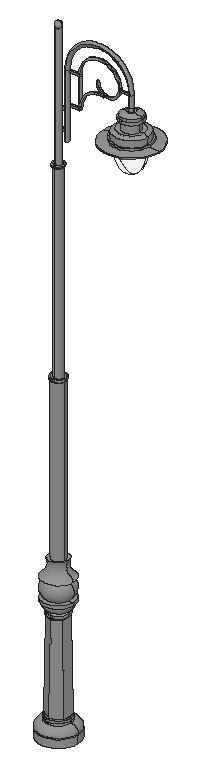
Revit family "svetilnik_alfresco_elegant-1-8_i_1-10", category Lighting Fixtures, Revit 2016
Family settings
  Part Type = Normal
  Round Connector Dimension = Use Diameter
  Work Plane-Based = No
  Always vertical = Yes
  Cut with Voids When Loaded = No
  Light Source = No
  Shared = No
  Room Calculation Point = No
Parameters (values of type "Элегант-1-8,0 ДСУ 80Вт")
  Цветовая температура = "3000-5500"  # constant formula
  Тип светильника = Элегант : Элегант 80Вт
  Тип продукции = "Комплект(Опора освещения+LED светильник)"  # constant formula
  Тип ПРА = "-"  # constant formula
  Тип КСС = "Sym"  # constant formula
  Тип ИС = "LED-светодиоды"  # constant formula
  Температура эксплуатации = "-35 +40"  # constant formula
  Световой поток = 9600 lm
  Разработано = "support@bimlib.ru"  # constant formula
  Watermarked By = ""
  Apparent Load = ADSK_Номинальная мощность / ADSK_Коэффициент мощности  # 82.4742 VA
  Область использования = "ландшафт, коттедж.поселки,микрорайоны,АЗС, автостоянки"  # constant formula
  Материал опоры = Сталь, окрашенная, черная
  Климатическая зона = "УХЛ1"  # constant formula
  Класс пожароопасности = "F (светильники предназначены для установки непосредственно на поверхность из нормально воспламеняемых матеоиалов)"  # constant formula
  Класс Защиты = "1"  # constant formula
  Manufacturer = "ALFRESCO"  # constant formula
  URL = "http://www.allfresco.ru/item/elegant10"
  R1 = D / 2 + 10.00 mm  # 89.50 mm
  Блок аварийного питания = no
  IP Class = "IP 65"  # constant formula
  D1 = 114.00 mm
  D = 159.00 mm
  ADSK_Энергоэффективность = 120 lm/W  # constant formula
  ADSK_Ток = ADSK_Номинальная мощность / (ADSK_Коэффициент мощности * ADSK_Напряжение * sqrt(ADSK_Количество фаз числовое))  # 0.265082 A
  ADSK_Размер_Ширина = 700.00 mm
  ADSK_Размер_Длина = 950.00 mm
  ADSK_Размер_Высота = 8000.00 mm
  ADSK_Примечание [instance] = ""
  ADSK_Полная мощность = ADSK_Номинальная мощность / ADSK_Коэффициент мощности  # 82.4742 VA
  ADSK_Позиция [instance] = ""
  ADSK_Номинальная мощность = 80 W
  ADSK_Напряжение = 220 V
  ADSK_Наименование = "Элегант-1-8,0 ДСУ 80Вт - св-к Росинка II ДСУ-01-AF (120, 02) на опоре ORD 8,0-1-32 ЧМ"
  ADSK_Модель = "Элегант-1"  # constant formula
  ADSK_Масса = 314
  ADSK_Коэффициент мощности = 0.97  # constant formula
  ADSK_Количество фаз числовое = 2
  ADSK_Количество фаз = 2
  ADSK_Код изделия = ""
  ADSK_Классификация нагрузок = Освещение
  ADSK_Завод-изготовитель [instance] = "ALFRESCO"
  ADSK_Единица измерения = "шт"  # constant formula
  ADSK_Артикул = "1147000130"
Reference planes
  plane 1 "По центру (Вперед/Назад)": y = 0
  plane 2: z = 0
  plane 3 "По центру (Влево/Вправо)": x = 0
  plane 4: z = 7500
  plane 5: x = 77
  plane 6: z = 8000
Forms (mm)
  Extrusion 1, solid, material "Сталь, окрашенная, черная" <- "Материал опоры", detail levels medium+fine
    sketch origin (0, 0, 0) x (1, 0, 0) y (0, 1, 0)
      loop
        circle (0, 0) r 79.5
    from 0 to 4000
  Extrusion 2, solid, material "Сталь, окрашенная, черная" <- "Материал опоры", detail levels medium+fine
    sketch origin (1839.148, -1524, 2000) x (0, -1, 0) y (-1, 0, 0)
      loop
        circle (-1524, 1839.148) r 57
    from -2000 to -4380
  Revolve 3, solid, material "Сталь, окрашенная, черная" <- "Материал опоры", detail levels medium+fine
    sketch origin (0, 0, 0) x (1, 0, 0) y (0, 0, 1)
      loop
        line (0, 4032) -> (0, 4000) -> (87.5, 4000)
        arc (87.5, 4000) -> (88.914, 4000.586) -> (89.5, 4002) r 2
        line (89.5, 4002) -> (89.5, 4030)
        arc (89.5, 4030) -> (88.914, 4031.414) -> (87.5, 4032) r 2
        line (87.5, 4032) -> (0, 4032)
      axis (0, 4032) -> (0, 4000)
    angle from 0 to 360
  Revolve 4, solid, material "Сталь, окрашенная, черная" <- "Материал опоры", detail levels medium+fine
    sketch origin (0, 0, 0) x (1, 0, 0) y (0, 0, 1)
      loop
        line (0, 0) -> (244, 0) -> (244, 100) -> (244, 110)
        arc (244, 110) -> (217.64, 173.64) -> (154, 200) r 90
        line (154, 200) -> (154, 220) -> (144, 220) -> (144, 230) -> (154, 230) -> (154, 250) -> (144, 250) -> (144, 260) -> (0, 260) -> (0, 0)
      loop
        line (0, 2000) -> (0, 1357.738) -> (105, 1357.738) -> (129.434, 1378.869) -> (129.434, 1408.869) -> (84.118, 1430)
        arc (84.118, 1430) -> (150.791, 1460.093) -> (172.329, 1530) r 88.906
        line (172.329, 1530) -> (192.329, 1530) -> (192.329, 1560) -> (120.98, 1560)
        arc (120.98, 1560) -> (192.486, 1670.272) -> (120.635, 1780.319) r 120.489
        arc (120.635, 1780.319) -> (157.276, 1781.33) -> (192.329, 1792.048) r 136.588
        arc (192.329, 1792.048) -> (116.535, 1882.226) -> (119, 2000) r 167.227
        line (119, 2000) -> (0, 2000)
      axis (0, 2000) -> (0, 0)
    angle from 0 to 360
  Blend 5, solid, material "Сталь, окрашенная, черная" <- "Материал опоры", detail levels medium+fine
    base sketch origin (1839.148, -1524, 2000) x (0, -1, 0) y (1, 0, 0)
      loop
        line (-1668, -1839.148) -> (-1596, -1963.855) -> (-1452, -1963.855) -> (-1380, -1839.148) -> (-1452, -1714.44) -> (-1596, -1714.44) -> (-1668, -1839.148)
    top sketch origin (1839.148, -1524, 2000) x (0, -1, 0) y (1, 0, 0)
      loop
        line (-1463.378, -1734.148) -> (-1584.622, -1734.148) -> (-1645.244, -1839.148) -> (-1584.622, -1944.148) -> (-1463.378, -1944.148) -> (-1402.756, -1839.148) -> (-1463.378, -1734.148)
    from -1740 to -642.262
  Extrusion 6, solid, material "Сталь, окрашенная, черная" <- "Материал опоры", detail levels medium+fine
    sketch origin (1839.148, -1524, 6380) x (0, -1, 0) y (1, 0, 0)
      loop
        circle (-1524, -1839.148) r 38
    from 0 to 1620
  Revolve 7, solid, material "Сталь, окрашенная, черная" <- "Материал опоры", detail levels medium+fine
    sketch origin (0, 0, 0) x (1, 0, 0) y (0, 0, 1)
      loop
        line (0, 6380) -> (60, 6380)
        arc (60, 6380) -> (67.071, 6382.929) -> (70, 6390) r 10
        line (70, 6390) -> (70, 6400)
        arc (70, 6400) -> (67.071, 6407.071) -> (60, 6410) r 10
        line (60, 6410) -> (0, 6410) -> (0, 6380)
      axis (0, 6410) -> (0, 6380)
    angle from 0 to 360
  Sweep 8, solid, material "Сталь, окрашенная, черная" <- "Материал опоры", detail levels medium+fine
    path origin (-128, 0, 0) x (1, 0, 0) y (0, 0, 1)
      loop
        line (1040, 7360) -> (1040, 7500)
        arc (1040, 7500) -> (640, 7900) -> (240, 7500) r 400
        line (240, 7500) -> (240, 6700)
    profile origin (112, 0, 7100) x (0, -1, 0) y (1, 0, 0)
      loop
        circle (0, 0) r 24
  Sweep 9, solid, material "Сталь, окрашенная, черная" <- "Материал опоры", detail levels medium+fine
    path origin (-128, 0, 0) x (1, 0, 0) y (0, 0, 1)
      loop
        line (400, 7100) -> (400, 7500)
        arc (400, 7500) -> (650, 7750) -> (900, 7500) r 250
        arc (900, 7500) -> (760, 7360) -> (620, 7500) r 140
    profile origin (522, 0, 7750) x (0, 0, 1) y (0, -1, 0)
      loop
        line (10, -10) -> (10, 10) -> (-10, 10) -> (-10, -10) -> (10, -10)
  Extrusion 10, solid, material "Сталь, окрашенная, черная" <- "Материал опоры", detail levels medium+fine
    sketch origin (0, 0, 0) x (1, 0, 0) y (0, 0, 1)
      loop
        line (112, 7500) -> (112, 7480) -> (282, 7480) -> (282, 7500) -> (112, 7500)
      loop
        line (772, 7500) -> (772, 7480) -> (922, 7480) -> (922, 7500) -> (772, 7500)
      loop
        line (112, 7120) -> (112, 7100) -> (282, 7100) -> (282, 7120) -> (112, 7120)
      loop
        line (112, 7070) -> (0, 7070) -> (0, 7030) -> (112, 7030) -> (112, 7070)
      loop
        line (112, 6830) -> (0, 6830) -> (0, 6790) -> (112, 6790) -> (112, 6830)
    from -10 to 10
  Sweep 11, solid, material "Сталь, окрашенная, черная" <- "Материал опоры", detail levels medium+fine
    path origin (-10, 0, 10) x (1, 0, 0) y (0, 0, 1)
      loop
        arc (586.988, 7337.323) -> (393.903, 7304.167) -> (302.974, 7130.635) r 221.074
    profile origin (383.903, 0, 7314.167) x (0.588419, 0, -0.808556) y (0, -1, 0)
      loop
        line (-16.014, -10) -> (3.986, -10) -> (3.986, 10) -> (-16.014, 10) -> (-16.014, -10)
  Revolve 12, void
    sketch origin (0, 0, 0) x (1, 0, 0) y (0, 0, 1)
      loop
        arc (0, 8000) -> (37.527, 7967.98) -> (11.81, 7925.882) r 38
        line (11.81, 7925.882) -> (43.529, 7925.882) -> (43.529, 8000) -> (0, 8000)
      axis (0, 8000) -> (0, 7925.882)
    angle from 0 to 360
Cuts and joins
  joined: Sweep 8, Extrusion 10
  joined: Sweep 9, Sweep 11
  Revolve 12 cuts Extrusion 6
Lines and regions (mm)
  model lines, detail levels coarse
    curve 1: line (0, 0, 0) -> (0, 0, 8000)
    curve 2: arc (0, 0, 7500) -> (460, 0, 7960) -> (920, 0, 7500) r 460
    curve 3: line (920, 0, 7500) -> (920, 0, 7118.363)
    curve 4: line (710, 0, 7118.363) -> (1130, 0, 7118.363)
    curve 5: spline (710, 0, 7118.363) -> (717.156, 0, 6988.953) -> (738.135, 0, 6868.363) -> (771.508, 0, 6764.809) -> (815, 0, 6685.35) -> (865.648, 0, 6635.4) -> (920, 0, 6618.363) -> (974.352, 0, 6635.4) -> (1025, 0, 6685.35) -> (1068.492, 0, 6764.809) -> (1101.865, 0, 6868.363) -> (1122.844, 0, 6988.953) -> (1130, 0, 7118.363)
  symbolic lines, style "LightingFixtures"
    curve 6: circle (0, 0, 0) r 250 normal (0, 0, 1)
    curve 7: line (-120, 219.317, 0) -> (-120, -219.317, 0)
    curve 8: line (120, 219.317, 0) -> (120, -219.317, 0)
Dimensions and locks
  "R1": Revolve 3 sketch curve to plane 3 "По центру (Влево/Вправо)"
  locked: Revolve 3 sketch curve to Extrusion 1 at 32
  "ADSK_Размер_Высота": plane 6 to level
  locked: plane 6 to plane 4 at 500
  locked: Revolve 7 sketch curve to Extrusion 2 at 30
  diameter of Extrusion 1 = 159.00 mm
  "D": diameter of Extrusion 1 sketch curve
  "D1": diameter of Extrusion 2 sketch curve
  aligned and locked: level to plane 2
  aligned and locked: Extrusion 1 to level
  aligned and locked: Revolve 3 sketch curve to plane 3 "По центру (Влево/Вправо)"
  aligned and locked: Revolve 4 sketch curve to plane 3 "По центру (Влево/Вправо)"
  aligned and locked: Revolve 4 to Blend 5
  aligned and locked: Blend 5 to Revolve 4
  aligned and locked: Extrusion 2 to Extrusion 1
  aligned and locked: Revolve 3 sketch curve to Extrusion 1
  aligned and locked: plane 6 to Extrusion 6
  aligned and locked: Revolve 7 sketch curve to plane 3 "По центру (Влево/Вправо)"
  aligned and locked: nested 1 to cut or joined group of Sweep 8, Extrusion 10
  aligned and locked: plane 1 "По центру (Вперед/Назад)" to nested 1
  aligned and locked: Revolve 12 sketch curve to plane 3 "По центру (Влево/Вправо)"
  aligned and locked: Revolve 7 sketch curve to Extrusion 2
Automatic sketch dimensions
  Revolve 7 sketch curve to plane 3 "По центру (Влево/Вправо)" = 0.00 mm
  Revolve 7 sketch curve to plane 5 = 17.00 mm
  Revolve 7 sketch curve to plane 5 = 7.00 mm
  Revolve 7 sketch curve to Revolve 7 sketch curve = 10.00 mm
  Revolve 7 sketch curve to level = 381.00 mm
  plane 6 to Revolve 7 sketch curve = 240.282 mm
  Revolve 4 sketch curve to level = 0.00 mm
  Revolve 4 sketch curve to plane 3 "По центру (Влево/Вправо)" = 0.00 mm  (x2)
  Revolve 4 sketch curve to plane 5 = 5.003 mm
  plane 5 to Revolve 4 sketch curve = 7.118 mm
  plane 5 to Revolve 4 sketch curve = 42.00 mm
  plane 5 to Revolve 4 sketch curve = 43.98 mm
  plane 5 to Revolve 4 sketch curve = 52.434 mm
  plane 5 to Revolve 4 sketch curve = 58.224 mm
  plane 5 to Revolve 4 sketch curve = 67.00 mm
  Revolve 4 sketch curve to Revolve 4 sketch curve = 0.00 mm
  Revolve 4 sketch curve to Revolve 4 sketch curve = 10.00 mm  (x5)
  Revolve 4 sketch curve to Revolve 4 sketch curve = 51.349 mm
  Revolve 4 sketch curve to Revolve 4 sketch curve = 20.00 mm  (x3)
  Revolve 4 sketch curve to Revolve 4 sketch curve = 90.00 mm
  Revolve 4 sketch curve to Revolve 4 sketch curve = 139.02 mm
  level to Revolve 4 sketch curve = 100.00 mm
  Revolve 4 sketch curve to Revolve 4 sketch curve = 1097.738 mm
  Revolve 4 sketch curve to Revolve 4 sketch curve = 21.131 mm  (x2)
  Revolve 4 sketch curve to Revolve 4 sketch curve = 30.00 mm  (x2)
  Revolve 4 sketch curve to Revolve 4 sketch curve = 88.906 mm
  Revolve 4 sketch curve to Revolve 4 sketch curve = 110.083 mm
  Revolve 4 sketch curve to Revolve 4 sketch curve = 246.042 mm
  Revolve 4 sketch curve to Revolve 4 sketch curve = 21.713 mm
  Revolve 4 sketch curve to Revolve 4 sketch curve = 83.874 mm
  plane 5 to Revolve 4 sketch curve = 28.00 mm
  plane 5 to Revolve 4 sketch curve = 43.635 mm
  Revolve 4 sketch curve to level = 381.00 mm
  plane 6 to Revolve 4 sketch curve = 2242.184 mm
  Blend 5 sketch curve to plane 3 "По центру (Влево/Вправо)" = 0.00 mm  (x2)
  plane 1 "По центру (Вперед/Назад)" to Blend 5 sketch curve = 72.00 mm  (x2)
  Blend 5 sketch curve to Blend 5 sketch curve = 72.00 mm  (x3)
  Blend 5 sketch curve to plane 3 "По центру (Влево/Вправо)" = 124.708 mm
  plane 5 to Blend 5 sketch curve = 47.708 mm
  Blend 5 sketch curve to plane 1 "По центру (Вперед/Назад)" = 72.00 mm
  Sweep 8 sketch curve to plane 1 "По центру (Вперед/Назад)" = 0.00 mm
  profile plane to Sweep 8 sketch curve = 0.00 mm
  Sweep 9 sketch curve to plane 4 = 0.00 mm
  Sweep 9 sketch curve to Sweep 9 sketch curve = 250.00 mm
  Sweep 9 sketch curve to Sweep 9 sketch curve = 110.00 mm
  Sweep 9 sketch curve to Sweep 9 sketch curve = 30.00 mm
  Sweep 9 sketch curve to plane 4 = 400.00 mm
  profile plane to Sweep 9 sketch curve = 10.00 mm
  Sweep 9 sketch curve to profile plane = 10.00 mm
  Sweep 9 sketch curve to plane 1 "По центру (Вперед/Назад)" = 10.00 mm
  plane 1 "По центру (Вперед/Назад)" to Sweep 9 sketch curve = 10.00 mm
  Sweep 8 sketch curve to plane 4 = 0.00 mm
  Sweep 8 sketch curve to Sweep 8 sketch curve = 140.00 mm
  Sweep 8 sketch curve to Sweep 8 sketch curve = 800.00 mm
  Extrusion 10 sketch curve to plane 3 "По центру (Влево/Вправо)" = 0.00 mm  (x2)
  Extrusion 10 sketch curve to plane 4 = 0.00 mm  (x2)
  Extrusion 10 sketch curve to Extrusion 10 sketch curve = 170.00 mm  (x2)
  Extrusion 10 sketch curve to plane 4 = 20.00 mm  (x2)
  Extrusion 10 sketch curve to Extrusion 10 sketch curve = 150.00 mm
  Extrusion 10 sketch curve to Extrusion 10 sketch curve = 20.00 mm
  Extrusion 10 sketch curve to Extrusion 10 sketch curve = 30.00 mm
  Extrusion 10 sketch curve to Extrusion 10 sketch curve = 40.00 mm  (x2)
  Extrusion 10 sketch curve to Extrusion 10 sketch curve = 200.00 mm
  Extrusion 10 sketch curve to Extrusion 10 sketch curve = 360.00 mm
  Extrusion 10 sketch curve to Extrusion 10 sketch curve = 490.00 mm
  profile plane to Sweep 11 sketch curve = 16.014 mm
  Sweep 11 sketch curve to profile plane = 3.986 mm
  Sweep 11 sketch curve to plane 1 "По центру (Вперед/Назад)" = 10.00 mm
  plane 1 "По центру (Вперед/Назад)" to Sweep 11 sketch curve = 10.00 mm
  Sweep 11 sketch curve to plane 4 = 364.584 mm
  Sweep 11 sketch curve to plane 4 = 152.677 mm
  Sweep 11 sketch curve to Sweep 11 sketch curve = 63.001 mm
  Revolve 12 sketch curve to plane 3 "По центру (Влево/Вправо)" = 0.00 mm
  plane 3 "По центру (Влево/Вправо)" to Revolve 12 sketch curve = 11.81 mm
  Revolve 12 sketch curve to Revolve 12 sketch curve = 31.718 mm
  Revolve 12 sketch curve to Revolve 12 sketch curve = 38.00 mm
  Revolve 12 sketch curve to level = 381.00 mm
  plane 6 to Revolve 12 sketch curve = 240.282 mm
  Revolve 12 sketch curve to plane 6 = 0.00 mm
  plane 5 to Sweep 8 sketch curve = 35.00 mm
  Sweep 8 sketch curve to Sweep 8 sketch curve = 400.00 mm
  plane 5 to Sweep 9 sketch curve = 195.00 mm
  plane 5 to Extrusion 10 sketch curve = 35.00 mm  (x4)
  plane 5 to Sweep 11 sketch curve = 436.987 mm
  plane 5 to Sweep 11 sketch curve = 215.974 mm
  plane 1 "По центру (Вперед/Назад)" to Extrusion 1 sketch curve = 0.00 mm
  Extrusion 1 sketch curve to plane 3 "По центру (Влево/Вправо)" = 0.00 mm
  plane 1 "По центру (Вперед/Назад)" to Extrusion 2 sketch curve = 0.00 mm
  Extrusion 2 sketch curve to plane 3 "По центру (Влево/Вправо)" = 0.00 mm
  Revolve 3 sketch curve to plane 3 "По центру (Влево/Вправо)" = 0.00 mm
  Revolve 3 sketch curve to Revolve 3 sketch curve = 2.00 mm  (x2)
  Revolve 3 sketch curve to level = 381.00 mm
  plane 6 to Revolve 3 sketch curve = 311.613 mm
  curve 1 to plane 3 "По центру (Влево/Вправо)" = 0.00 mm
  curve 2 to plane 4 = 0.00 mm
  curve 1 to level = 0.00 mm
  curve 1 to plane 6 = 0.00 mm
  curve 2 to curve 2 = 460.00 mm
  curve 5 to curve 3 = 210.00 mm
  curve 5 to curve 3 = 0.00 mm
  curve 5 to plane 4 = 381.637 mm
  curve 6 to plane 5 = 77.00 mm
  curve 7 to curve 6 = 120.00 mm
  curve 7 to curve 6 = 219.317 mm
  curve 7 to curve 8 = 0.00 mm
  plane 1 "По центру (Вперед/Назад)" to curve 6 = 0.00 mm
  radius of Extrusion 6 sketch curve to Extrusion 2 = 19.00 mm
  radius of Sweep 8 sketch curve = 24.00 mm
Nested families
  nested 1: "Элегант" at (912, 0, 7360), type <- "Тип светильника", type "Элегант 80Вт", detail levels medium+fine
Definition of nested family "Элегант"
  Parameters (values of type "Элегант 100Вт")
    Watermarked By = ""
    Type Comments = "﻿﻿                                                                                ﻿       ​﻿       ﻿﻿          ﻿    ​           ​                       ﻿ ﻿﻿"
    Keynote = "﻿﻿                                                                                ﻿       ​﻿       ﻿﻿          ﻿    ​           ​                       ﻿ ﻿﻿"
    built-in parameter 1150104 = 13.8 (stored number, unit not read)
    built-in parameter 1150134 = 12
    Photometric Web File = "ДСУ-01-AF Росинка2 100Вт.ies"
    Tilt Angle = 0.00°
    built-in parameter 1150137 = (empty or 0)
    built-in parameter 1150132 = 2
    built-in parameter 1150114 = 1 (stored number, unit not read)
    Dimming Lamp Color Temperature Shift = (empty or 0)
    built-in parameter 1150105 = 4314.4 (stored number, unit not read)
    Description = "﻿﻿                                                                                ﻿       ​﻿       ﻿﻿          ﻿    ​           ​                       ﻿ ﻿﻿"
    Color Filter = 16777215
    Lumens = 12000 lm
    built-in parameter 1150109 = 1 (stored number, unit not read)
    built-in parameter 1150112 = 1 (stored number, unit not read)
    built-in parameter 1150110 = 1 (stored number, unit not read)
    built-in parameter 1150113 = 1 (stored number, unit not read)
    built-in parameter 1150115 = 1 (stored number, unit not read)
    built-in parameter 1114218 = 1 (stored number, unit not read)
    built-in parameter 1114217 = 1 (stored number, unit not read)
    Default Elevation = 1219.20 mm
    built-in parameter 1150106 = 43.144 (stored number, unit not read)
